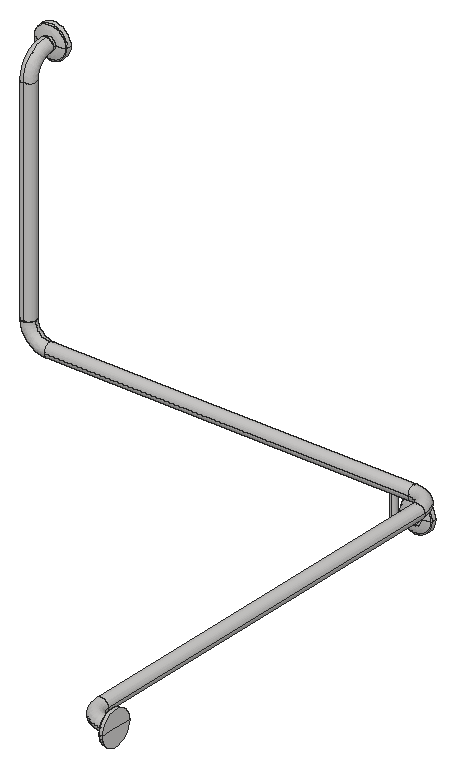
Revit family "Grab Rail_Metlam_90 Deg_Wrap Around_Right", category Specialty Equipment, Revit 2016
Family settings
  Part Type = Normal
  Round Connector Dimension = Use Diameter
  OmniClass Number = 23.40.20.21.47
  OmniClass Title = Bath Grab Bars
  Work Plane-Based = No
  Always vertical = Yes
  Cut with Voids When Loaded = No
  Shared = No
  Room Calculation Point = Yes
Parameters (values of type "983w x 1058d x 632h (MLR116MKII)")
  Width = 983 mm  # constant formula
  URL = "http://www.metlam.com.au/"
  Type Comments = "Grab Rails"  # constant formula
  Model = "MLR116MKII"
  Material_ANZRS = z_Metlam_Metal_Stainless Steel_Satin
  Manufacturer_Width = 1025 mm  # constant formula
  Manufacturer_URL__Product Specific = "https://metlam.com.au/product/content/grab-rails/MLR116MKII"
  Manufacturer_Spec Code = Model  # "MLR116MKII"
  Manufacturer_Height From FFL [instance] = 800 mm
  Manufacturer_Height = 600 mm  # constant formula
  Manufacturer_Depth = 1100 mm  # constant formula
  Manufacturer = "Metlam"  # constant formula
  Keynote = ""
  Height = 632 mm  # constant formula
  Description = "90° Flush Mount Wrap Around Grab Rail RH"  # constant formula
  Depth = 1058 mm  # constant formula
  CreatedBy_ANZRS = "IGS BIM Solutions"  # constant formula
  CreatedByURL_ANZRS = "http://www.igsgroup.com.au/"
  Assembly Code = ""
Reference planes
  plane 1 "Ref. Level": z = 0
  plane 2 "Right Wall Mount_Centre (Elevation)": z = 784
  plane 3 "Middle Wall Mount_Centre (Elevation)": z = 691
  plane 4 "Bottom": z = 653
  plane 5 "Back": y = 610
  plane 6 "Right": x = -598
  plane 7 "Right Wall Mount_Centre (Front/Back)": y = -490
  plane 8 "Left Wall Mount_Centre (Elevation)": z = 1384
  plane 9 "Top": z = 1423
  plane 10 "Vertical Rail_Top": z = 1400
  plane 11 "Horizontal Rail_Bottom": z = 768
  plane 12 "Mounting Height": z = 800
  plane 13 "Horizontal Rail_Front": y = 520
  plane 14 "Horizontal Rail_Back": y = 552
  plane 15 "Front": y = -529
  plane 16 "Horizontal Rail End_Front": y = -506
  plane 17 "Horizontal Rail End_Back": y = -474
  plane 18 "Left Wall Mount_Centre (Left/Right)": x = -1623
  plane 19 "Middle Wall Mount_Centre (Left/Right)": x = -768
  plane 20 "Vertical Rail_Right": x = -1607
  plane 21 "Vertical Rail_Left": x = -1639
  plane 22 "Left": x = -1662
  plane 23 "Horizontal Rail_Left": x = -688
  plane 24 "Horizontal Rail_Right": x = -656
Forms (mm)
  Sweep 1, solid, material "z_Metlam_Metal_Stainless Steel_Satin" <- "Material_ANZRS"
    path origin (0, 0, 784) x (-1, 0, 0) y (0, -1, 0)
      loop
        line (621, 490) -> (622, 490)
        arc (622, 490) -> (657.355, 475.355) -> (672, 440) r 50
        line (672, 440) -> (672, -486)
        arc (672, -486) -> (686.645, -521.355) -> (722, -536) r 50
        line (722, -536) -> (1573, -536)
    profile origin (-621.5, -490, 784) x (0, -1, 0) y (0, 0, 1)
      loop
        circle (0, 0) r 16
  Revolve 2, solid, material "z_Metlam_Metal_Stainless Steel_Satin" <- "Material_ANZRS"
    sketch origin (0, 0, 1384) x (-1, 0, 0) y (0, -1, 0)
      loop
        arc (1607, -593.938) -> (1596.591, -595.611) -> (1586.743, -599.373) r 51.397
        arc (1586.743, -599.373) -> (1585.851, -600.13) -> (1585.401, -601.21) r 2.5
        line (1585.401, -601.21) -> (1584, -610) -> (1623, -610) -> (1623, -586.969) -> (1607, -586.969) -> (1607, -593.938)
      axis (1623, -586.969) -> (1623, -610)
    angle from 0 to 360
  Revolve 3, solid, material "z_Metlam_Metal_Stainless Steel_Satin" <- "Material_ANZRS"
    sketch origin (0, 0, 784) x (-1, 0, 0) y (0, -1, 0)
      loop
        line (614.031, 474) -> (621, 474) -> (621, 490) -> (598, 490) -> (598, 451) -> (606.759, 452.401)
        arc (606.759, 452.401) -> (607.838, 452.851) -> (608.595, 453.743) r 2.5
        arc (608.595, 453.743) -> (612.357, 463.591) -> (614.031, 474) r 51.397
      axis (621, 490) -> (598, 490)
    angle from 0 to 360
  Revolve 4, solid, material "z_Metlam_Metal_Stainless Steel_Satin" <- "Material_ANZRS"
    sketch origin (0, 0, 691) x (-1, 0, 0) y (0, -1, 0)
      loop
        line (730, -610) -> (768, -610) -> (768, -593.969) -> (753.135, -593.969)
        arc (753.135, -593.969) -> (751.574, -594.005) -> (750.017, -594.112) r 34
        arc (750.017, -594.112) -> (740.634, -595.884) -> (731.754, -599.393) r 50.422
        arc (731.754, -599.393) -> (730.787, -600.266) -> (730.391, -601.506) r 2.5
        line (730.391, -601.506) -> (730, -610)
      axis (768, -610) -> (768, -593.969)
    angle from 0 to 360
  Sweep 5, solid, material "z_Metlam_Metal_Stainless Steel_Satin" <- "Material_ANZRS"
    path origin (-768, 0, 0) x (0, 1, 0) y (0, 0, 1)
      loop
        line (593.969, 691) -> (561, 691)
        arc (561, 691) -> (543.322, 698.322) -> (536, 716) r 25
        line (536, 716) -> (536, 784)
    profile origin (-768, 577.485, 691) x (0, 0, 1) y (-1, 0, 0)
      loop
        circle (0, 0) r 7.5
  Sweep 6, solid, material "z_Metlam_Metal_Stainless Steel_Satin" <- "Material_ANZRS"
    path origin (-1623, 0, 0) x (0, 1, 0) y (0, 0, 1)
      loop
        line (536, 834) -> (536, 1334)
        arc (536, 1334) -> (550.645, 1369.355) -> (586, 1384) r 50
        line (586, 1384) -> (587, 1384)
    profile origin (-1623, 536, 1084) x (0, 1, 0) y (-1, 0, 0)
      loop
        circle (0, 0) r 16
  Sweep 7, solid, material "z_Metlam_Metal_Stainless Steel_Satin" <- "Material_ANZRS"
    path origin (0, 552, 0) x (-1, 0, 0) y (0, 0, 1)
      loop
        line (1572, 784) -> (1573, 784)
        arc (1573, 784) -> (1608.355, 798.645) -> (1623, 834) r 50
        line (1623, 834) -> (1623, 835)
    profile origin (-1572.5, 552, 784) x (0, 0, 1) y (0, 1, 0)
      loop
        circle (0, -16) r 16
Cuts and joins
  joined: Sweep 1, Revolve 2, Revolve 3, Revolve 4, Sweep 5, Sweep 6, Sweep 7
Lines and regions (mm)
  Masking region 1
    outline origin (-1196, 0, 800) x (1, 0, 0) y (0, 1, 0)
      loop
        arc (-411, 593.969) -> (-400.577, 595.621) -> (-390.727, 599.407) r 50.422
        arc (-390.727, 599.407) -> (-389.847, 600.158) -> (-389.404, 601.225) r 2.482
        line (-389.404, 601.225) -> (-388, 610) -> (-466, 610) -> (-464.596, 601.225)
        arc (-464.596, 601.225) -> (-464.153, 600.158) -> (-463.273, 599.407) r 2.482
        arc (-463.273, 599.407) -> (-453.423, 595.621) -> (-443, 593.969) r 50.422
        line (-443, 593.969) -> (-443, 536)
        arc (-443, 536) -> (-438.314, 524.686) -> (-427, 520) r 16
        line (-427, 520) -> (474, 520)
        arc (474, 520) -> (498.042, 510.041) -> (508, 486) r 34
        line (508, 486) -> (508, -439.953)
        arc (508, -439.953) -> (527.345, -486.656) -> (574.047, -506) r 66.047
        line (574.047, -506) -> (581.969, -506)
        arc (581.969, -506) -> (583.623, -516.43) -> (587.414, -526.286) r 50.422
        arc (587.414, -526.286) -> (588.156, -527.155) -> (589.212, -527.594) r 2.455
        line (589.212, -527.594) -> (598, -529) -> (598, -451) -> (589.226, -452.404)
        arc (589.226, -452.404) -> (588.158, -452.847) -> (587.407, -453.727) r 2.482
        arc (587.407, -453.727) -> (583.622, -463.577) -> (581.969, -474) r 50.422
        line (581.969, -474) -> (574, -474)
        arc (574, -474) -> (549.958, -464.042) -> (540, -440) r 34
        line (540, -440) -> (540, 485.968)
        arc (540, 485.968) -> (520.66, 532.66) -> (473.969, 552) r 66.031
        line (473.969, 552) -> (435.497, 552) -> (435.497, 593.969) -> (443.997, 593.969)
        arc (443.997, 593.969) -> (454.427, 595.623) -> (464.283, 599.414) r 50.422
        arc (464.283, 599.414) -> (465.208, 600.236) -> (465.614, 601.404) r 2.455
        line (465.614, 601.404) -> (466, 610) -> (390, 610) -> (390.38, 601.4)
        arc (390.38, 601.4) -> (390.787, 600.234) -> (391.711, 599.414) r 2.455
        arc (391.711, 599.414) -> (401.567, 595.623) -> (411.997, 593.969) r 50.422
        line (411.997, 593.969) -> (420.497, 593.969) -> (420.497, 552) -> (-411, 552) -> (-411, 593.969)
  symbolic lines, style "Grab Rails", detail levels medium+fine
    curve 1: line (-614.031, -506, 784) -> (-614.031, -474, 784)
    curve 2: line (-1639, 593.969, 784) -> (-1607, 593.969, 784)
    curve 3: line (-760.5, 593.969, 0) -> (-775.5, 593.969, 0)
    curve 4: line (-760.503, 552, 0) -> (-775.503, 552, 0)
  symbolic lines, style "Grab Rails"
    curve 5: arc (-1607, 536, 0) -> (-1611.686, 524.686, 0) -> (-1623, 520, 0) r 16
    curve 6: line (-1607, 552, 0) -> (-1607, 536, 0)
Text (mm)
  text "> Contact Manufacturer to confirm feasibility of design variations outside the scope of this Revit Family\n\n\n\nDisclaimer:\n\nDue to ongoing product development and manufacturing evolution, product details are subject to change without notice. Please refer to product technical data sheets on the manufacturer’s website for the most current product information. Please allow a +/- 5mm manufacturing tolerance for dimensions and set-outs shown in product literature." at (-314.277, 262.844, 0), in view "Ref. Level_Instruction"
Dimensions and locks
  "Manufacturer_Height From FFL": plane 12 "Mounting Height" to plane 1 "Ref. Level"
  "Depth": plane 14 "Horizontal Rail_Back" to plane 16 "Horizontal Rail End_Front"
  "Manufacturer_Depth": plane 5 "Back" to plane 7 "Right Wall Mount_Centre (Front/Back)"
  locked: plane 14 "Horizontal Rail_Back" to plane 13 "Horizontal Rail_Front" at 32
  locked: plane 17 "Horizontal Rail End_Back" to plane 7 "Right Wall Mount_Centre (Front/Back)" at 16
  locked: plane 7 "Right Wall Mount_Centre (Front/Back)" to plane 16 "Horizontal Rail End_Front" at 16
  locked: plane 16 "Horizontal Rail End_Front" to plane 15 "Front" at 23
  "Height": plane 10 "Vertical Rail_Top" to plane 11 "Horizontal Rail_Bottom"
  "Manufacturer_Height": plane 8 "Left Wall Mount_Centre (Elevation)" to plane 2 "Right Wall Mount_Centre (Elevation)"
  locked: plane 3 "Middle Wall Mount_Centre (Elevation)" to plane 4 "Bottom" at 38
  locked: plane 12 "Mounting Height" to plane 2 "Right Wall Mount_Centre (Elevation)" at 16
  locked: plane 9 "Top" to plane 10 "Vertical Rail_Top" at 23
  locked: plane 11 "Horizontal Rail_Bottom" to plane 3 "Middle Wall Mount_Centre (Elevation)" at 77
  locked: plane 2 "Right Wall Mount_Centre (Elevation)" to plane 11 "Horizontal Rail_Bottom" at 16
  locked: plane 21 "Vertical Rail_Left" to plane 22 "Left" at 23
  locked: plane 20 "Vertical Rail_Right" to plane 18 "Left Wall Mount_Centre (Left/Right)" at 16
  locked: plane 24 "Horizontal Rail_Right" to plane 23 "Horizontal Rail_Left" at 32
  "Width": plane 21 "Vertical Rail_Left" to plane 24 "Horizontal Rail_Right"
  locked: plane 19 "Middle Wall Mount_Centre (Left/Right)" to plane 6 "Right" at 170
  locked: plane 21 "Vertical Rail_Left" to plane 18 "Left Wall Mount_Centre (Left/Right)" at 16
  "Manufacturer_Width": plane 18 "Left Wall Mount_Centre (Left/Right)" to plane 6 "Right"
  aligned and locked: level to plane 1 "Ref. Level"
Automatic sketch dimensions
  curve 5 to plane 18 "Left Wall Mount_Centre (Left/Right)" = 0 mm
  curve 6 to plane 20 "Vertical Rail_Right" = 0 mm
  plane 13 "Horizontal Rail_Front" to curve 5 = 16 mm
  curve 4 to plane 14 "Horizontal Rail_Back" = 0 mm
  plane 19 "Middle Wall Mount_Centre (Left/Right)" to curve 4 = 7.503 mm
  plane 19 "Middle Wall Mount_Centre (Left/Right)" to curve 3 = 7.5 mm
  curve 4 to plane 19 "Middle Wall Mount_Centre (Left/Right)" = 7.497 mm
  curve 3 to plane 19 "Middle Wall Mount_Centre (Left/Right)" = 7.5 mm
  curve 6 to plane 14 "Horizontal Rail_Back" = 0 mm
  curve 3 to plane 5 "Back" = 16.031 mm
  curve 1 to plane 17 "Horizontal Rail End_Back" = 0 mm
  curve 1 to plane 16 "Horizontal Rail End_Front" = 0 mm
  curve 2 to plane 20 "Vertical Rail_Right" = 0 mm
  curve 2 to plane 21 "Vertical Rail_Left" = 0 mm
  curve 1 to plane 6 "Right" = 16.031 mm
  curve 2 to plane 5 "Back" = 16.031 mm
  Sweep 1 sketch curve to profile plane = 0 mm  (x2)
  Sweep 5 sketch curve to profile plane = 0 mm
  profile plane to Sweep 5 sketch curve = 0 mm
  Sweep 6 sketch curve to plane 18 "Left Wall Mount_Centre (Left/Right)" = 0 mm
  profile plane to Sweep 6 sketch curve = 0 mm
  profile plane to Sweep 7 sketch curve = 0 mm
  Sweep 7 sketch curve to profile plane = 16 mm
  Masking region 1 sketch curve to plane 22 "Left" = 0 mm
  Masking region 1 sketch curve to plane 21 "Vertical Rail_Left" = 0 mm
  Masking region 1 sketch curve to plane 18 "Left Wall Mount_Centre (Left/Right)" = 0 mm
  Masking region 1 sketch curve to plane 20 "Vertical Rail_Right" = 0 mm
  Masking region 1 sketch curve to plane 5 "Back" = 0 mm  (x2)
  Masking region 1 sketch curve to plane 23 "Horizontal Rail_Left" = 0 mm
  Masking region 1 sketch curve to plane 24 "Horizontal Rail_Right" = 0 mm
  Masking region 1 sketch curve to plane 6 "Right" = 0 mm
  Masking region 1 sketch curve to plane 15 "Front" = 0 mm
  Masking region 1 sketch curve to plane 22 "Left" = 1.404 mm
  Masking region 1 sketch curve to Masking region 1 sketch curve = 2.451 mm  (x2)
  Masking region 1 sketch curve to plane 21 "Vertical Rail_Left" = 2.64 mm
  plane 20 "Vertical Rail_Right" to Masking region 1 sketch curve = 2.64 mm
  Masking region 1 sketch curve to plane 5 "Back" = 8.382 mm
  Masking region 1 sketch curve to plane 20 "Vertical Rail_Right" = 19.145 mm
  Masking region 1 sketch curve to plane 5 "Back" = 8.775 mm  (x2)
  Masking region 1 sketch curve to Masking region 1 sketch curve = 1.404 mm  (x2)
  plane 19 "Middle Wall Mount_Centre (Left/Right)" to Masking region 1 sketch curve = 38 mm
  Masking region 1 sketch curve to plane 5 "Back" = 8.6 mm
  Masking region 1 sketch curve to Masking region 1 sketch curve = 0.38 mm
  Masking region 1 sketch curve to Masking region 1 sketch curve = 2.447 mm  (x2)
  plane 19 "Middle Wall Mount_Centre (Left/Right)" to Masking region 1 sketch curve = 16.003 mm
  plane 19 "Middle Wall Mount_Centre (Left/Right)" to Masking region 1 sketch curve = 13.363 mm
  Masking region 1 sketch curve to plane 14 "Horizontal Rail_Back" = 0 mm  (x2)
  plane 19 "Middle Wall Mount_Centre (Left/Right)" to Masking region 1 sketch curve = 7.503 mm
  Masking region 1 sketch curve to plane 19 "Middle Wall Mount_Centre (Left/Right)" = 7.497 mm
  Masking region 1 sketch curve to plane 19 "Middle Wall Mount_Centre (Left/Right)" = 13.356 mm
  Masking region 1 sketch curve to Masking region 1 sketch curve = 8.5 mm
  Masking region 1 sketch curve to plane 5 "Back" = 8.4 mm
  Masking region 1 sketch curve to Masking region 1 sketch curve = 19.17 mm
  Masking region 1 sketch curve to plane 5 "Back" = 8.596 mm
  Masking region 1 sketch curve to Masking region 1 sketch curve = 0.386 mm
  plane 23 "Horizontal Rail_Left" to Masking region 1 sketch curve = 34.031 mm
  Masking region 1 sketch curve to Masking region 1 sketch curve = 0.031 mm  (x2)
  Masking region 1 sketch curve to plane 17 "Horizontal Rail End_Back" = 0 mm
  Masking region 1 sketch curve to plane 6 "Right" = 24 mm
  Masking region 1 sketch curve to Masking region 1 sketch curve = 0.047 mm
  Masking region 1 sketch curve to Masking region 1 sketch curve = 7.969 mm
  Masking region 1 sketch curve to plane 16 "Horizontal Rail End_Front" = 0 mm
  Masking region 1 sketch curve to Masking region 1 sketch curve = 7.922 mm
  plane 15 "Front" to Masking region 1 sketch curve = 1.406 mm
  Masking region 1 sketch curve to plane 6 "Right" = 8.788 mm
  Masking region 1 sketch curve to plane 6 "Right" = 8.774 mm
  Masking region 1 sketch curve to Masking region 1 sketch curve = 0.388 mm
  Masking region 1 sketch curve to Masking region 1 sketch curve = 0.392 mm  (x2)
  plane 16 "Horizontal Rail End_Front" to Masking region 1 sketch curve = 2.64 mm
  plane 6 "Right" to Masking region 1 sketch curve = 34.322 mm
  Masking region 1 sketch curve to plane 17 "Horizontal Rail End_Back" = 2.64 mm
  Masking region 1 sketch curve to Masking region 1 sketch curve = 0 mm  (x3)
  Masking region 1 sketch curve to Masking region 1 sketch curve = 2.424 mm
  plane 17 "Horizontal Rail End_Back" to Masking region 1 sketch curve = 19.145 mm
  Masking region 1 sketch curve to Masking region 1 sketch curve = 1.323 mm
  Masking region 1 sketch curve to plane 5 "Back" = 16.031 mm  (x4)
  Masking region 1 sketch curve to Masking region 1 sketch curve = 0.2 mm
  plane 5 "Back" to Masking region 1 sketch curve = 34.322 mm  (x2)
  Revolve 3 sketch curve to plane 7 "Right Wall Mount_Centre (Front/Back)" = 0 mm  (x2)
  Revolve 3 sketch curve to plane 6 "Right" = 0 mm
  Revolve 3 sketch curve to plane 17 "Horizontal Rail End_Back" = 0 mm
  Revolve 3 sketch curve to plane 17 "Horizontal Rail End_Back" = 2.911 mm
  plane 6 "Right" to Revolve 3 sketch curve = 35.283 mm
  Revolve 3 sketch curve to plane 6 "Right" = 8.364 mm
  Revolve 3 sketch curve to Revolve 3 sketch curve = 0.395 mm
  Revolve 3 sketch curve to plane 6 "Right" = 16.031 mm
  Revolve 3 sketch curve to Revolve 3 sketch curve = 6.969 mm
  plane 17 "Horizontal Rail End_Back" to Revolve 3 sketch curve = 19.13 mm
  Revolve 3 sketch curve to Revolve 3 sketch curve = 1.342 mm
  Revolve 3 sketch curve to Revolve 3 sketch curve = 1.401 mm
  Revolve 3 sketch curve to Revolve 3 sketch curve = 4.717 mm
  Revolve 3 sketch curve to plane 6 "Right" = 10 mm
  Sweep 1 sketch curve to plane 7 "Right Wall Mount_Centre (Front/Back)" = 0 mm
  Sweep 1 sketch curve to plane 6 "Right" = 24 mm
  Sweep 1 sketch curve to plane 23 "Horizontal Rail_Left" = 16 mm
  plane 23 "Horizontal Rail_Left" to Sweep 1 sketch curve = 34 mm
  Sweep 1 sketch curve to plane 13 "Horizontal Rail_Front" = 34 mm
  Sweep 1 sketch curve to Sweep 1 sketch curve = 1 mm
  Sweep 1 sketch curve to plane 20 "Vertical Rail_Right" = 34 mm
  Sweep 5 sketch curve to plane 2 "Right Wall Mount_Centre (Elevation)" = 0 mm
  Sweep 5 sketch curve to plane 3 "Middle Wall Mount_Centre (Elevation)" = 0 mm
  Sweep 5 sketch curve to plane 13 "Horizontal Rail_Front" = 16 mm
  Sweep 5 sketch curve to plane 14 "Horizontal Rail_Back" = 9 mm
  plane 5 "Back" to Sweep 5 sketch curve = 16.031 mm
  Revolve 4 sketch curve to plane 5 "Back" = 0 mm  (x2)
  Revolve 4 sketch curve to plane 19 "Middle Wall Mount_Centre (Left/Right)" = 0 mm  (x2)
  Revolve 4 sketch curve to plane 19 "Middle Wall Mount_Centre (Left/Right)" = 13.36 mm
  Revolve 4 sketch curve to plane 19 "Middle Wall Mount_Centre (Left/Right)" = 14.865 mm
  Revolve 4 sketch curve to plane 5 "Back" = 8.379 mm
  Revolve 4 sketch curve to Revolve 4 sketch curve = 20.246 mm
  Revolve 4 sketch curve to plane 5 "Back" = 8.494 mm
  Revolve 4 sketch curve to Revolve 4 sketch curve = 2.497 mm
  Revolve 4 sketch curve to Revolve 4 sketch curve = 0.391 mm
  plane 5 "Back" to Revolve 4 sketch curve = 17.969 mm
  Revolve 4 sketch curve to Revolve 4 sketch curve = 16.353 mm
  Revolve 4 sketch curve to plane 5 "Back" = 16.031 mm
  Revolve 4 sketch curve to Revolve 4 sketch curve = 0 mm
  Revolve 4 sketch curve to Revolve 4 sketch curve = 11.61 mm
  Sweep 7 sketch curve to plane 2 "Right Wall Mount_Centre (Elevation)" = 0 mm
  plane 18 "Left Wall Mount_Centre (Left/Right)" to Sweep 7 sketch curve = 0 mm
  Sweep 7 sketch curve to plane 20 "Vertical Rail_Right" = 34 mm
  Sweep 7 sketch curve to Sweep 7 sketch curve = 1 mm  (x2)
  Sweep 6 sketch curve to plane 8 "Left Wall Mount_Centre (Elevation)" = 0 mm
  Sweep 6 sketch curve to plane 13 "Horizontal Rail_Front" = 16 mm
  plane 5 "Back" to Sweep 6 sketch curve = 24 mm
  Sweep 6 sketch curve to Sweep 6 sketch curve = 1 mm
  Sweep 6 sketch curve to plane 12 "Mounting Height" = 34 mm
  Revolve 2 sketch curve to plane 5 "Back" = 0 mm
  Revolve 2 sketch curve to plane 20 "Vertical Rail_Right" = 0 mm
  Revolve 2 sketch curve to plane 18 "Left Wall Mount_Centre (Left/Right)" = 0 mm  (x2)
  Revolve 2 sketch curve to plane 5 "Back" = 8.395 mm
  Revolve 2 sketch curve to plane 20 "Vertical Rail_Right" = 19.13 mm
  Revolve 2 sketch curve to plane 5 "Back" = 8.79 mm
  Revolve 2 sketch curve to Revolve 2 sketch curve = 2.469 mm
  Revolve 2 sketch curve to Revolve 2 sketch curve = 1.401 mm
  plane 20 "Vertical Rail_Right" to Revolve 2 sketch curve = 2.911 mm
  plane 5 "Back" to Revolve 2 sketch curve = 35.252 mm
  Revolve 2 sketch curve to plane 5 "Back" = 16.062 mm
  Revolve 2 sketch curve to Revolve 2 sketch curve = 6.969 mm
  Revolve 2 sketch curve to Revolve 2 sketch curve = 4.717 mm
  Revolve 2 sketch curve to Revolve 2 sketch curve = 10.031 mm
  radius of Sweep 1 sketch curve = 16 mm
  radius of Sweep 5 sketch curve = 7.5 mm
  radius of Sweep 6 sketch curve = 16 mm
  radius of Sweep 7 sketch curve = 16 mm
